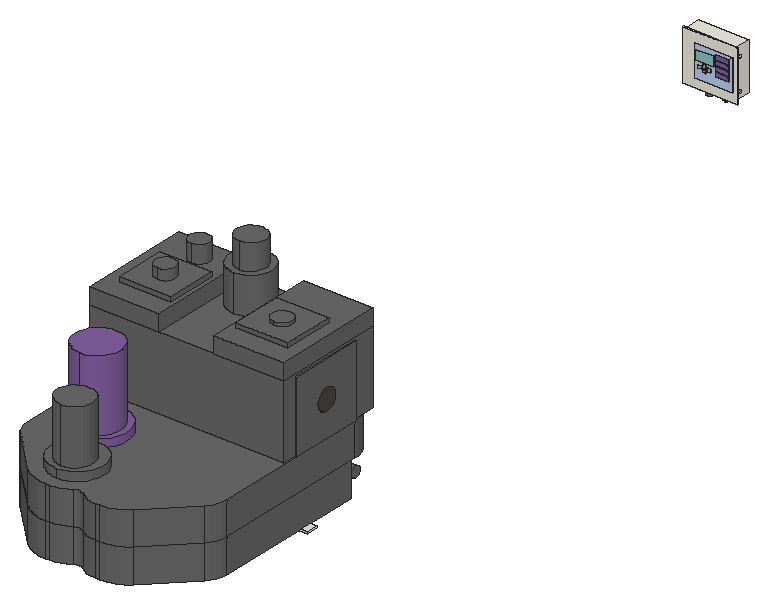
Revit family "11000", category Generic Models, Revit 2021
Family settings
  Can host rebar = No
  Round Connector Dimension = Use Diameter
  Part Type = Normal
  Work Plane-Based = No
  Always vertical = Yes
  Cut with Voids When Loaded = No
  Shared = Yes
  Room Calculation Point = No
Parameters (values of type "11000")
  SUPPLIER = "KESSEL"
  SA700ID49 = "Protection Class I"
  SA700ID48 = "no"
  SA700ID47 = "no"
  SA700ID46 = "yes"
  SA700ID37 = 7000 mm
  SA700ID34 = 38
  SA700ID33 = 1.6 W
  SA700ID32 = 65.23 kg
  SA700ID31 = 1
  SA700ID30 = 1
  SA700ID29 = "RWDR"
  SA700ID21 = 700
  SA700ID10 = "No"
  SA700ID08 = 230 V
  PROCUREWEBLINK = "https://p.caden.as/kessel/11000"
  PROCURELINK = "p.caden.as/kessel/11000"
  PROCUREDATALASTUPDATE = "2024-05-22T12:18:07.546936593+01:00"
  PREVIEW = "../../_pool_/a8/8f/11000.png"
  PRC_SPECIFICATIONLINK = "https://ausschreiben.de/catalog/kessel/catalogItem/607e5876-517b-4add-ad43-83497f723949"
  NN = "Lifting station Aqualift F XL"
  NBSYN = "$SA810ID03."
  NB = "11000"
  Model = "11000"
  Manufacturer = "KESSEL"
  MIdent = "{$CADENAS_DATA/23d-libs/kessel/kessel_vdi_import/4/entwaesserung/hebeanlage20aqualift20f20xl.prj},200 {STYP=ASS},{VTYP=3D},{NB=11000},{LINA=11000},{NN=Lifting station Aqualift F XL},{DATE=21.11.2022 10:48:11},{GEOMDATE=21.11.2022 10:48:11},{VERSION=},{LINEID=10},{WBVAR=LODLEVEL},{WBNUMERIC=LODLEVEL}  {NB=11000},{LINA=11000},{KT=DUMMY},{PREVIEW=../../_pool_/a8/8f/11000.png},{SA700ID04=Hebeanlage Aqualift F XL 200 l, Mono, SPF 1400-S3},{SA810ID06=04026092056677},{SA700ID34=38.00},{SA010ID03=201805},{SA810ID03=11000},{SA810ID10=Die Hebeanlage für fäkalienhaltiges und fäkalienfreies Abwasser ist mit einer überflutbaren Pumpe sowie einem Rückflussverhinderer ausgestattet. Der Sammelbehälter aus dauerhaft beständigem Kunststoff (PE) bietet universale Anschlussmöglichkeiten und hat eine verschraubte Reinigungsöffnung.Die Steuerung erfolgt durch ein anwenderfreundliches Schaltgerät, das optional über einen potentialfreien Kontakt in die Gebäudeleittechnik eingebunden werden oder Alarm- und Sammelstörmeldungen über eine GSM-Schnittstelle (Comfort Schaltgerät) ausgeben kann.Ausführung:Absperreinrichtung: ohne SchieberAnlagenart: EinzelanlagePumpensteuerung: SchaltgerätRückflussverhinderer: integriertSchalldämmmatte: jaEinbausituation: freie AufstellungAbwasserart: fäkalienhaltigAllgemeine Merkmale:Farbe: schwarzNorm: EN 12050-1Abmessungen:Länge: 980 mmBreite: 760 mmHöhe: 770 mmBehälter/Grundkörper:Zulauf Anzahl: 1 STZulauf Nennweite (DN): 100 mmZulauf Nennweite (DA): 110 mmZulauf max. Anbohrung (DN): 200 mmAnschluss für Handmembranpumpe (DN): 32Behältervolumen: 200 lDruckabgang: senkrechtDruckabgang (DA): 110 mmDruckabgang (DN): 100 mmEntlüftungsanschluss (DN): 70 mmNutzvolumen: 120 lFördereinrichtung:Pumpe: SPF 1400Anzahl Pumpen: 1Förderhöhe max.: 7 mFörderleistung max.: 38 m3/hBetriebsart: S3 - 50 %Leistung P1: 1,6 kWLeistung P2: 1,1 kWDrehzahl: 1.370 U/minFörderguttemperatur (dauerhaft) max.: 40 °CAnschlusstyp: codierter SteckerGewicht: 25 kgLaufrad Typ: FreistromradLänge Netzanschlussleitung Pumpe: 5 mNennstrom: 7,3 ASchutzart Pumpe: IP 68 (3m/48h)Schutzklasse: ITyp Anschlussleitung Pumpe: H07RN-F 3G 1,0 mm2Temperaturüberwachung: integriertSteuerung:Schaltgerät: ComfortBetriebsspannung: 230 VNetzfrequenz: 50 HzSelbstdiagnosesystem (SDS): jaBatteriepufferung: jaMehrzeilige Displayanzeige: jaLogbuchfunktion: jaUSB-Schnittstelle: jaGSM-Schnittstelle: jaPotentialfreier Kontakt: optionalErforderliche Absicherung (Leitungsschutz): C 16 ASchutzart Schaltgerät: IP 54Länge Netzanschlussleitung Schaltgerät: 1,4 mArt Niveauerfassung: pneumatischInstrument Niveauerfassung: TauchrohrAlarmgeber: Tauchrohr},{SA700ID37=7.00},{SA700ID33=1.60},{SA700ID08=230},{SA700ID30=1},{SA700ID32=65.23},{SA700ID49=Schutzklasse I},{SA700ID50=nein},{SA200ID03=6},{SA250ID03=vertikal},{SA260ID03=Trockenläuferpumpe},{SA350ID03=normalansaugend},{SA400ID03=E-Motor für Wechselstrom},{SA460ID03=direkt},{SA500ID03=Kunststoff, Edelstahl},{SA700ID06=100},{SA700ID07=100},{SA700ID09=1/N/PE 230V},{SA700ID10=Nein},{SA700ID11=50},{SA700ID12=IP 68},{SA700ID13=F},{SA700ID15=40},{SA700ID21=700.00},{SA700ID22=1.10},{SA700ID23=1370},{SA700ID24=1370},{SA700ID26=7.30},{SA700ID27=23.00},{SA700ID28=durchgehend},{SA700ID29=RWDR},{SA700ID31=1},{SA700ID46=ja},{SA700ID47=nein},{SA700ID48=nein},{SA110ID04=Hebeanlage Aqualift F XL},{SA300ID03=einstufig},{SA700ID44=10.00},{SA700ID45=10.00},{SA010ID04=KESSEL AG},{LODLEVEL=200},{LINK=https://www.kessel.de/info?han=11000},{SA970ID01=970},{SA970ID02=7121},{SA970ID03=11000},{SA970ID04=11002617},{SA970ID05=QUAD},{SA970ID06=-410},{SA970ID07=-850},{SA970ID08=0},{SA970ID09=1},{SA970ID10=0},{SA970ID11=0},{SA970ID12=0},{SA970ID13=1},{SA970ID14=0},{SA970ID15=820},{SA970ID16=980},{SA970ID17=771},{LODLEVEL_=200,'Low'},{LODLEVEL_DEU=200,'Low'},{LINK_=https://www.kessel.de/info?han=11000},{LINK_DEU=https://www.kessel.de/info?han=11000},{LODLEVEL_3DB=11000_200},{DNIN1=100},{DNIN2=70},{DNIN4=10},{DNIN5=50},{DNIN6=50},{DNIN7=50},{DNIN8=50},{DNIN9=MIN},{DNOUT1=32},{DNOUT2=100},{DNOUT3=70},{ISD1=96},{ISD2=10},{ISDOUT1=40},{ISDOUT2=70},{ISDOUT3=65},{SA010ID01=010},{SA010ID02=4},{SA010ID06=www.kessel.de},{SA010ID07=www.kessel.de},{SA010ID12=20180713},{SA010ID13=DEU},{SA010ID14=DE},{SA100ID01=100},{SA100ID02=4},{SA100ID04=Entwässerung},{SA110ID01=110},{SA110ID02=6},{SA200ID01=200},{SA200ID02=6},{SA250ID01=250},{SA250ID02=2},{SA260ID01=260},{SA260ID02=2},{SA300ID01=300},{SA300ID02=1},{SA350ID01=350},{SA350ID02=1},{SA400ID01=400},{SA400ID02=1},{SA460ID01=460},{SA460ID02=1},{SA500ID01=500},{SA500ID02=1},{SA700ID01=700},{SA700ID02=37},{SA700ID10_=0},{SA700ID16=0},{SA700ID25=0},{SA700ID46_=1},{SA700ID47_=0},{SA700ID48_=0},{SA700ID49_=1},{SA700ID50_=0},{SA800ID01=800},{SA800ID02=1},{SA810ID01=810},{SA810ID02=37},{SA810ID04=11000},{SA810ID07=37},{SA810ID09=1},{SA810ID14=PCE},{SA810ID15=1},{SA810ID16=NMP},{SA960ID03=37},{SA960ID04=3L},{SA960ID08=https://www.kessel.de/info?han=11000},{SA010ID08=4026092000007},{SA100ID05=Hebeanlage},{SA110ID06=Hebeanlage}"
  LINK = "https://www.kessel.de/info?han=11000"
  LINA = "11000"
  Default Elevation = 0 mm
  CREATOR = "CADENAS GmbH"
  CATALOG = "KESSEL"
  BOMINFO = "LINA"
  ARTICLENO = "NB"
  4.810.00.9 Order quantity (multiplicator) = "1"
  4.810.00.7 Media- connection number = "37"
  4.810.00.6 GTIN number = "04026092056677"
  4.810.00.4 DATANORM number = "11000"
  4.810.00.3 Producer order number = "11000"
  4.710.03.7 Mass (net) = 65.23 kg
  4.710.03.6 Height = 770 mm
  4.710.03.5 Width = 760 mm
  4.710.03.4 Length = 980 mm
  4.710.03.3 Type of dimensions = "2"
  4.710.02.8 Area of application of wastewater pump = "1"
  4.710.02.7 Art des S2/S3-Betriebs = "50 %"
  4.710.02.6 Duty type = "S3"
  4.710.02.5 Cutting device = "0"
  4.710.02.4 Attached pump control = "1"
  4.710.02.3 Free passage = 40 mm
  4.710.01.6 Option to connect to building automation = "40"
  4.710.01.5 Load regulation = "0"
  4.710.01.4 Designation of closed-loop control = "120"
  4.710.01.3 Identifier for closed-loop control = "200"
  4.700.00.9 Voltage = 0
  4.700.00.8 Nominal connection size on suction side = "100"
  4.700.00.7 Nominal connection size on pressure side = "100"
  4.700.00.6 Type of connection = "100"
  4.700.00.4 Product indentification = "Hebeanlage Aqualift F XL 200 l, Mono, SPF 1400-S3"
  4.700.00.28 Motor pump shaft = "durchgehend"
  4.700.00.27 Starting current = 23
  4.700.00.26 Maximum power consumption per pump / drive = 7.3
  4.700.00.25 Minimum speed at internal speed adjustment = 0
  4.700.00.24 Nominal speed / maximum speed n = 22.8333
  4.700.00.23 Nominal speed of motor = 22.8333
  4.700.00.22 Maximum shaft output (P2) per pump/drive = 1.1 W
  4.700.00.16 Maximum temperature of pumped medium = 0 °C
  4.700.00.15 Increased safety class = "40 °C"
  4.700.00.13 Type of protection = "F"
  4.700.00.12 Frequency = 0
  4.700.00.11 Stern-/Dreieck-Anlaufschaltung bei Dreiphasenanschluss oder Drehstrom = "50 Hz"
  4.700.00.10 Phase = "0"
  4.500.00.3 Variant / Variant type / Accessories-name = "Kunststoff, Edelstahl"
  4.460.00.3 Variant / Variant type / Accessories-name = "direkt"
  4.400.00.3 Variant / Variant type / Accessories-name = "E-Motor für Wechselstrom"
  4.350.00.3 Variant / Variant type / Accessories-name = "normalansaugend"
  4.300.00.3 Variant / Variant type / Accessories-name = "einstufig"
  4.260.00.3 Variant / Variant type / Accessories-name = "Trockenläuferpumpe"
  4.250.00.3 Variant / Variant type / Accessories-name = "vertikal"
  4.200.00.3 Variant / Variant type / Accessories-name = "6"
  4.110.00.6 Product classification = "Hebeanlage"
  4.110.00.4 Product indentification = "Hebeanlage Aqualift F XL"
  4.100.00.5 Main groups of wares = "Hebeanlage"
  4.100.00.4 Product indentification = "Entwässerung"
  4.010.00.8 Producer ID number = "4026092000007"
  4.010.00.7 Comment = "www.kessel.de"
  4.010.00.6 Web address of the manufacturer = "www.kessel.de"
  4.010.00.4 Manufacturer name = "KESSEL AG"
  4.010.00.3 Date of issuance (month) of guideline = "201805"
  4.010.00.2 Sheet number of the guideline = "4"
  4.010.00.14 Kennungen der Projektländer, für die die Datei gültig ist = "DE"
  4.010.00.13 Sprache der Datei = "DEU"
  4.010.00.12 Stand des Herstellerkatalogs = "20180713"
Reference planes
  plane 1 "Center (Front/Back)": y = 0
  plane 2: z = 0
  plane 3 "Center (Left/Right)": x = 0
Forms (mm)
  Extrusion 1, void
    sketch origin (380.5, -115, 392) x (0, -1, 0) y (0, 0, 1)
      loop
        line (-0.5, -0.5) -> (0.5, -0.5) -> (0.5, 0.5) -> (-0.5, 0.5) -> (-0.5, -0.5)
    from 0 to 1
  Extrusion 2, void
    sketch origin (160.15, 130.5, 392) x (1, 0, 0) y (0, 0, 1)
      loop
        line (-0.5, -0.5) -> (0.5, -0.5) -> (0.5, 0.5) -> (-0.5, 0.5) -> (-0.5, -0.5)
    from 0 to 1
  Extrusion 3, void
    sketch origin (-161, 130.5, 392) x (1, 0, 0) y (0, 0, 1)
      loop
        line (-0.5, -0.5) -> (0.5, -0.5) -> (0.5, 0.5) -> (-0.5, 0.5) -> (-0.5, -0.5)
    from 0 to 1
  Extrusion 4, void
    sketch origin (-380.5, -115, 392) x (0, 1, 0) y (0, 0, 1)
      loop
        line (-0.5, -0.5) -> (0.5, -0.5) -> (0.5, 0.5) -> (-0.5, 0.5) -> (-0.5, -0.5)
    from 0 to 1
Dimensions and locks
  locked: plane 2 to Extrusion 1 at 392.5
  locked: plane 2 to Extrusion 1 at 391.5
  locked: plane 2 to Extrusion 2 at 392.5
  locked: plane 2 to Extrusion 2 at 391.5
  locked: plane 2 to Extrusion 3 at 392.5
  locked: plane 2 to Extrusion 3 at 391.5
  locked: plane 2 to Extrusion 4 at 392.5
  locked: plane 2 to Extrusion 4 at 391.5
  aligned and locked: level to plane 2
Nested families
  nested 1: "11000_content" at (0, 0, 0), type "11000_Content"
  nested 2: "11000_part1_X0Y0" at (1000, 1000, 1200), type "11000_PART1_X0Y0"
  nested 3: "11000_part2_X0Y0" at (0, 0, 0), type "11000_PART2_X0Y0"
Connectors
  piping at (1079.5, 972.5, 1198.5), diameter 609.6
    settings: on nested 2, index 1, connector inside diameter 609.6 mm, connector length 0 mm, flow factor 0, pipe flow 0.0 L/s, pressure drop 0.0 Pa, fitting loss kfactor 0, connector angle 0.00°, fixture units 0, engagement length 0 mm, angle of deflection 0.00°, flow configuration 0, flow direction 0, fitting loss method 2, system type 29, joint type 0, gender type 0, connector reference index -1, connector utility 0, adjustable connector no, is connector primary yes, connector description ""
  electrical at (936.5, 972.5, 1166.5)
    settings: on nested 2, index 2, voltage 0 V, apparent load 0 VA, apparent load phase1 0 VA, apparent load phase2 0 VA, apparent load phase3 0 VA, power factor 1, load classification "Other", number of poles 1, system type 31, power factor state 1, is connector primary yes, connector utility no, sub classification motor no, connector description ""
  piping at (0, 0, 771), diameter 100
    settings: on nested 3, index 3, connector inside diameter 609.6 mm, connector length 0 mm, flow factor 0, pipe flow 0.0 L/s, pressure drop 0.0 Pa, fitting loss kfactor 0, connector angle 0.00°, fixture units 0, engagement length 0 mm, angle of deflection 0.00°, flow configuration 0, flow direction 1, fitting loss method 2, system type 8, joint type 0, gender type 0, connector reference index -1, connector utility 0, adjustable connector no, is connector primary no, connector description ""
  piping at (380.5, -115, 392), diameter 70
    settings: on Extrusion 1, index 4, connector inside diameter 609.6 mm, connector length 0 mm, flow factor 0, pipe flow 0.0 L/s, pressure drop 0.0 Pa, fitting loss kfactor 0, connector angle 0.00°, fixture units 0, engagement length 0 mm, angle of deflection 0.00°, flow configuration 0, flow direction 0, fitting loss method 2, system type 8, joint type 0, gender type 0, connector reference index -1, connector utility 0, adjustable connector no, is connector primary no, connector description ""
  piping at (160.15, 130.5, 392), diameter 70
    settings: on Extrusion 2, index 5, connector inside diameter 609.6 mm, connector length 0 mm, flow factor 0, pipe flow 0.0 L/s, pressure drop 0.0 Pa, fitting loss kfactor 0, connector angle 0.00°, fixture units 0, engagement length 0 mm, angle of deflection 0.00°, flow configuration 0, flow direction 0, fitting loss method 2, system type 8, joint type 0, gender type 0, connector reference index -1, connector utility 0, adjustable connector no, is connector primary no, connector description ""
  piping at (-161, 130.5, 392), diameter 70
    settings: on Extrusion 3, index 6, connector inside diameter 609.6 mm, connector length 0 mm, flow factor 0, pipe flow 0.0 L/s, pressure drop 0.0 Pa, fitting loss kfactor 0, connector angle 0.00°, fixture units 0, engagement length 0 mm, angle of deflection 0.00°, flow configuration 0, flow direction 0, fitting loss method 2, system type 8, joint type 0, gender type 0, connector reference index -1, connector utility 0, adjustable connector no, is connector primary no, connector description ""
  piping at (-380.5, -115, 392), diameter 70
    settings: on Extrusion 4, index 7, connector inside diameter 609.6 mm, connector length 0 mm, flow factor 0, pipe flow 0.0 L/s, pressure drop 0.0 Pa, fitting loss kfactor 0, connector angle 0.00°, fixture units 0, engagement length 0 mm, angle of deflection 0.00°, flow configuration 0, flow direction 0, fitting loss method 2, system type 8, joint type 0, gender type 0, connector reference index -1, connector utility 0, adjustable connector no, is connector primary no, connector description ""
  piping at (-100, -712, 496), diameter 100
    settings: on nested 3, index 8, connector inside diameter 609.6 mm, connector length 0 mm, flow factor 0, pipe flow 0.0 L/s, pressure drop 0.0 Pa, fitting loss kfactor 0, connector angle 0.00°, fixture units 0, engagement length 0 mm, angle of deflection 0.00°, flow configuration 0, flow direction 2, fitting loss method 2, system type 7, joint type 0, gender type 0, connector reference index -1, connector utility 0, adjustable connector no, is connector primary no, connector description ""
  piping at (-225, 36, 661), diameter 70
    settings: on nested 3, index 9, connector inside diameter 609.6 mm, connector length 0 mm, flow factor 0, pipe flow 0.0 L/s, pressure drop 0.0 Pa, fitting loss kfactor 0, connector angle 0.00°, fixture units 0, engagement length 0 mm, angle of deflection 0.00°, flow configuration 0, flow direction 2, fitting loss method 2, system type 7, joint type 0, gender type 0, connector reference index -1, connector utility 0, adjustable connector no, is connector primary no, connector description ""
  piping at (354.5, 56, 60), diameter 32
    settings: on nested 3, index 10, connector inside diameter 609.6 mm, connector length 0 mm, flow factor 0, pipe flow 0.0 L/s, pressure drop 0.0 Pa, fitting loss kfactor 0, connector angle 0.00°, fixture units 0, engagement length 0 mm, angle of deflection 0.00°, flow configuration 0, flow direction 2, fitting loss method 2, system type 7, joint type 0, gender type 0, connector reference index -1, connector utility 0, adjustable connector no, is connector primary no, connector description ""
  electrical at (-185, -496.75, 557)
    settings: on nested 3, index 11, voltage 0 V, apparent load 0 VA, apparent load phase1 0 VA, apparent load phase2 0 VA, apparent load phase3 0 VA, power factor 1, load classification "Other", number of poles 1, system type 31, power factor state 1, is connector primary no, connector utility no, sub classification motor no, connector description ""
  electrical at (-222.5, -129, 650)
    settings: on nested 3, index 12, voltage 0 V, apparent load 0 VA, apparent load phase1 0 VA, apparent load phase2 0 VA, apparent load phase3 0 VA, power factor 1, load classification "Other", number of poles 1, system type 31, power factor state 1, is connector primary no, connector utility no, sub classification motor no, connector description ""
Definition of nested family "11000_part1_X0Y0"
  Parameters (values of type "11000_PART1_X0Y0")
    SUPPLIER = "KESSEL"
    SA700ID49 = "Protection Class I"
    SA700ID48 = "no"
    SA700ID47 = "no"
    SA700ID46 = "yes"
    SA700ID37 = 7000 mm
    SA700ID34 = 38
    SA700ID33 = 1.6 W
    SA700ID32 = 65.23 kg
    SA700ID31 = 1
    SA700ID30 = 1
    SA700ID29 = "RWDR"
    SA700ID21 = 700
    SA700ID10 = "No"
    SA700ID08 = 230 V
    PREVIEW = "../../_pool_/a8/8f/11000.png"
    NBSYN = "$SA810ID03._PART1"
    NB = "11000_PART1"
    Model = "11000_PART1"
    Manufacturer = "KESSEL"
    MIdent = "{$CADENAS_DATA/23d-libs/kessel/kessel_vdi_import/4/entwaesserung/hebeanlage20aqualift20f20xl.prj},220 {VTYP=3D},{NB=11000_PART1},{LINA=11000_PART1},{NN=Lifting station Aqualift F XL_PART1},{NOPRJ=TRUE},{DATE=21.11.2022 10:48:11},{GEOMDATE=21.11.2022 10:48:11},{VERSION=},{LINEID=10},{WBVAR=LODLEVEL},{WBNUMERIC=LODLEVEL}  {NB=11000_PART1},{LINA=11000_PART1},{KT=DUMMY},{PREVIEW=../../_pool_/a8/8f/11000.png},{SA700ID04=Hebeanlage Aqualift F XL 200 l, Mono, SPF 1400-S3},{SA810ID06=04026092056677},{SA700ID34=38.00},{SA010ID03=201805},{SA810ID03=11000},{SA810ID10=Die Hebeanlage für fäkalienhaltiges und fäkalienfreies Abwasser ist mit einer überflutbaren Pumpe sowie einem Rückflussverhinderer ausgestattet. Der Sammelbehälter aus dauerhaft beständigem Kunststoff (PE) bietet universale Anschlussmöglichkeiten und hat eine verschraubte Reinigungsöffnung.Die Steuerung erfolgt durch ein anwenderfreundliches Schaltgerät, das optional über einen potentialfreien Kontakt in die Gebäudeleittechnik eingebunden werden oder Alarm- und Sammelstörmeldungen über eine GSM-Schnittstelle (Comfort Schaltgerät) ausgeben kann.Ausführung:Absperreinrichtung: ohne SchieberAnlagenart: EinzelanlagePumpensteuerung: SchaltgerätRückflussverhinderer: integriertSchalldämmmatte: jaEinbausituation: freie AufstellungAbwasserart: fäkalienhaltigAllgemeine Merkmale:Farbe: schwarzNorm: EN 12050-1Abmessungen:Länge: 980 mmBreite: 760 mmHöhe: 770 mmBehälter/Grundkörper:Zulauf Anzahl: 1 STZulauf Nennweite (DN): 100 mmZulauf Nennweite (DA): 110 mmZulauf max. Anbohrung (DN): 200 mmAnschluss für Handmembranpumpe (DN): 32Behältervolumen: 200 lDruckabgang: senkrechtDruckabgang (DA): 110 mmDruckabgang (DN): 100 mmEntlüftungsanschluss (DN): 70 mmNutzvolumen: 120 lFördereinrichtung:Pumpe: SPF 1400Anzahl Pumpen: 1Förderhöhe max.: 7 mFörderleistung max.: 38 m3/hBetriebsart: S3 - 50 %Leistung P1: 1,6 kWLeistung P2: 1,1 kWDrehzahl: 1.370 U/minFörderguttemperatur (dauerhaft) max.: 40 °CAnschlusstyp: codierter SteckerGewicht: 25 kgLaufrad Typ: FreistromradLänge Netzanschlussleitung Pumpe: 5 mNennstrom: 7,3 ASchutzart Pumpe: IP 68 (3m/48h)Schutzklasse: ITyp Anschlussleitung Pumpe: H07RN-F 3G 1,0 mm2Temperaturüberwachung: integriertSteuerung:Schaltgerät: ComfortBetriebsspannung: 230 VNetzfrequenz: 50 HzSelbstdiagnosesystem (SDS): jaBatteriepufferung: jaMehrzeilige Displayanzeige: jaLogbuchfunktion: jaUSB-Schnittstelle: jaGSM-Schnittstelle: jaPotentialfreier Kontakt: optionalErforderliche Absicherung (Leitungsschutz): C 16 ASchutzart Schaltgerät: IP 54Länge Netzanschlussleitung Schaltgerät: 1,4 mArt Niveauerfassung: pneumatischInstrument Niveauerfassung: TauchrohrAlarmgeber: Tauchrohr},{SA700ID37=7.00},{SA700ID33=1.60},{SA700ID08=230},{SA700ID30=1},{SA700ID32=65.23},{SA700ID49=Schutzklasse I},{SA700ID50=nein},{SA200ID03=6},{SA250ID03=vertikal},{SA260ID03=Trockenläuferpumpe},{SA350ID03=normalansaugend},{SA400ID03=E-Motor für Wechselstrom},{SA460ID03=direkt},{SA500ID03=Kunststoff, Edelstahl},{SA700ID06=100},{SA700ID07=100},{SA700ID09=1/N/PE 230V},{SA700ID10=Nein},{SA700ID11=50},{SA700ID12=IP 68},{SA700ID13=F},{SA700ID15=40},{SA700ID21=700.00},{SA700ID22=1.10},{SA700ID23=1370},{SA700ID24=1370},{SA700ID26=7.30},{SA700ID27=23.00},{SA700ID28=durchgehend},{SA700ID29=RWDR},{SA700ID31=1},{SA700ID46=ja},{SA700ID47=nein},{SA700ID48=nein},{SA110ID04=Hebeanlage Aqualift F XL},{SA300ID03=einstufig},{SA700ID44=10.00},{SA700ID45=10.00},{SA010ID04=KESSEL AG},{LODLEVEL=200},{LINK=https://www.kessel.de/info?han=11000},{SA970ID01=970},{SA970ID02=7121},{SA970ID03=11000},{SA970ID04=11002617},{SA970ID05=QUAD},{SA970ID06=-410},{SA970ID07=-850},{SA970ID08=0},{SA970ID09=1},{SA970ID10=0},{SA970ID11=0},{SA970ID12=0},{SA970ID13=1},{SA970ID14=0},{SA970ID15=820},{SA970ID16=980},{SA970ID17=771},{LODLEVEL_=200,'Low'},{LODLEVEL_DEU=200,'Low'},{LINK_=https://www.kessel.de/info?han=11000},{LINK_DEU=https://www.kessel.de/info?han=11000},{LODLEVEL_3DB=11000_200},{DNIN1=100},{DNIN2=70},{DNIN4=10},{DNIN5=50},{DNIN6=50},{DNIN7=50},{DNIN8=50},{DNIN9=MIN},{DNOUT1=32},{DNOUT2=100},{DNOUT3=70},{ISD1=96},{ISD2=10},{ISDOUT1=40},{ISDOUT2=70},{ISDOUT3=65},{SA010ID01=010},{SA010ID02=4},{SA010ID06=www.kessel.de},{SA010ID07=www.kessel.de},{SA010ID12=20180713},{SA010ID13=DEU},{SA010ID14=DE},{SA100ID01=100},{SA100ID02=4},{SA100ID04=Entwässerung},{SA110ID01=110},{SA110ID02=6},{SA200ID01=200},{SA200ID02=6},{SA250ID01=250},{SA250ID02=2},{SA260ID01=260},{SA260ID02=2},{SA300ID01=300},{SA300ID02=1},{SA350ID01=350},{SA350ID02=1},{SA400ID01=400},{SA400ID02=1},{SA460ID01=460},{SA460ID02=1},{SA500ID01=500},{SA500ID02=1},{SA700ID01=700},{SA700ID02=37},{SA700ID10_=0},{SA700ID16=0},{SA700ID25=0},{SA700ID46_=1},{SA700ID47_=0},{SA700ID48_=0},{SA700ID49_=1},{SA700ID50_=0},{SA800ID01=800},{SA800ID02=1},{SA810ID01=810},{SA810ID02=37},{SA810ID04=11000},{SA810ID07=37},{SA810ID09=1},{SA810ID14=PCE},{SA810ID15=1},{SA810ID16=NMP},{SA960ID03=37},{SA960ID04=3L},{SA960ID08=https://www.kessel.de/info?han=11000},{SA010ID08=4026092000007},{SA100ID05=Hebeanlage},{SA110ID06=Hebeanlage}"
    LINK = "https://www.kessel.de/info?han=11000"
    LINA = "11000_PART1"
    Default Elevation = 1219.2 mm
    CREATOR = "CADENAS GmbH"
    CATALOG = "KESSEL"
    BOMINFO = "LINA"
    ARTICLENO = "NB"
    4.810.00.9 Order quantity (multiplicator) = "1"
    4.810.00.7 Media- connection number = "37"
    4.810.00.6 GTIN number = "04026092056677"
    4.810.00.4 DATANORM number = "11000"
    4.810.00.3 Producer order number = "11000"
    4.710.03.7 Mass (net) = 65.23 kg
    4.710.03.6 Height = 770 mm
    4.710.03.5 Width = 760 mm
    4.710.03.4 Length = 980 mm
    4.710.03.3 Type of dimensions = "2"
    4.710.02.8 Area of application of wastewater pump = "1"
    4.710.02.7 Art des S2/S3-Betriebs = "50 %"
    4.710.02.6 Duty type = "S3"
    4.710.02.5 Cutting device = "0"
    4.710.02.4 Attached pump control = "1"
    4.710.02.3 Free passage = 40 mm
    4.710.01.6 Option to connect to building automation = "40"
    4.710.01.5 Load regulation = "0"
    4.710.01.4 Designation of closed-loop control = "120"
    4.710.01.3 Identifier for closed-loop control = "200"
    4.700.00.9 Voltage = 0
    4.700.00.8 Nominal connection size on suction side = "100"
    4.700.00.7 Nominal connection size on pressure side = "100"
    4.700.00.6 Type of connection = "100"
    4.700.00.4 Product indentification = "Hebeanlage Aqualift F XL 200 l, Mono, SPF 1400-S3"
    4.700.00.28 Motor pump shaft = "durchgehend"
    4.700.00.27 Starting current = 23
    4.700.00.26 Maximum power consumption per pump / drive = 7.3
    4.700.00.25 Minimum speed at internal speed adjustment = 0
    4.700.00.24 Nominal speed / maximum speed n = 22.8333
    4.700.00.23 Nominal speed of motor = 22.8333
    4.700.00.22 Maximum shaft output (P2) per pump/drive = 1.1 W
    4.700.00.16 Maximum temperature of pumped medium = 0 °C
    4.700.00.15 Increased safety class = "40 °C"
    4.700.00.13 Type of protection = "F"
    4.700.00.12 Frequency = 0
    4.700.00.11 Stern-/Dreieck-Anlaufschaltung bei Dreiphasenanschluss oder Drehstrom = "50 Hz"
    4.700.00.10 Phase = "0"
    4.500.00.3 Variant / Variant type / Accessories-name = "Kunststoff, Edelstahl"
    4.460.00.3 Variant / Variant type / Accessories-name = "direkt"
    4.400.00.3 Variant / Variant type / Accessories-name = "E-Motor für Wechselstrom"
    4.350.00.3 Variant / Variant type / Accessories-name = "normalansaugend"
    4.300.00.3 Variant / Variant type / Accessories-name = "einstufig"
    4.260.00.3 Variant / Variant type / Accessories-name = "Trockenläuferpumpe"
    4.250.00.3 Variant / Variant type / Accessories-name = "vertikal"
    4.200.00.3 Variant / Variant type / Accessories-name = "6"
    4.110.00.6 Product classification = "Hebeanlage"
    4.110.00.4 Product indentification = "Hebeanlage Aqualift F XL"
    4.100.00.5 Main groups of wares = "Hebeanlage"
    4.100.00.4 Product indentification = "Entwässerung"
    4.010.00.8 Producer ID number = "4026092000007"
    4.010.00.7 Comment = "www.kessel.de"
    4.010.00.6 Web address of the manufacturer = "www.kessel.de"
    4.010.00.4 Manufacturer name = "KESSEL AG"
    4.010.00.3 Date of issuance (month) of guideline = "201805"
    4.010.00.2 Sheet number of the guideline = "4"
    4.010.00.14 Kennungen der Projektländer, für die die Datei gültig ist = "DE"
    4.010.00.13 Sprache der Datei = "DEU"
    4.010.00.12 Stand des Herstellerkatalogs = "20180713"
  Reference planes
    plane 1 "Center (Front/Back)": y = 0
    plane 2: z = 0
    plane 3 "Center (Left/Right)": x = 0
  Dimensions and locks
    aligned and locked: level to plane 2
  Nested families
    nested 1: "11000_part1_content" at (0, 0, 0), type "11000_PART1_Content"
  Definition of nested family "11000_part1_content"
    Parameters (values of type "11000_PART1_Content")
      SUPPLIER = "KESSEL"
      SA700ID49 = "Protection Class I"
      SA700ID48 = "no"
      SA700ID47 = "no"
      SA700ID46 = "yes"
      SA700ID37 = 7000 mm
      SA700ID34 = 38
      SA700ID33 = 1.6 W
      SA700ID32 = 65.23 kg
      SA700ID31 = 1
      SA700ID30 = 1
      SA700ID29 = "RWDR"
      SA700ID21 = 700
      SA700ID10 = "No"
      SA700ID08 = 230 V
      PREVIEW = "../../_pool_/a8/8f/11000.png"
      NBSYN = "$SA810ID03._PART1"
      NB = "11000_PART1"
      Model = "11000_PART1"
      Manufacturer = "KESSEL"
      LINK = "https://www.kessel.de/info?han=11000"
      LINA = "11000_PART1"
      Default Elevation = 1219.2 mm
      CREATOR = "CADENAS GmbH"
      CATALOG = "KESSEL"
      BOMINFO = "LINA"
      ARTICLENO = "NB"
      4.810.00.9 Order quantity (multiplicator) = "1"
      4.810.00.7 Media- connection number = "37"
      4.810.00.6 GTIN number = "04026092056677"
      4.810.00.4 DATANORM number = "11000"
      4.810.00.3 Producer order number = "11000"
      4.710.03.7 Mass (net) = 65.23 kg
      4.710.03.6 Height = 770 mm
      4.710.03.5 Width = 760 mm
      4.710.03.4 Length = 980 mm
      4.710.03.3 Type of dimensions = "2"
      4.710.02.8 Area of application of wastewater pump = "1"
      4.710.02.7 Art des S2/S3-Betriebs = "50 %"
      4.710.02.6 Duty type = "S3"
      4.710.02.5 Cutting device = "0"
      4.710.02.4 Attached pump control = "1"
      4.710.02.3 Free passage = 40 mm
      4.710.01.6 Option to connect to building automation = "40"
      4.710.01.5 Load regulation = "0"
      4.710.01.4 Designation of closed-loop control = "120"
      4.710.01.3 Identifier for closed-loop control = "200"
      4.700.00.9 Voltage = 0
      4.700.00.8 Nominal connection size on suction side = "100"
      4.700.00.7 Nominal connection size on pressure side = "100"
      4.700.00.6 Type of connection = "100"
      4.700.00.4 Product indentification = "Hebeanlage Aqualift F XL 200 l, Mono, SPF 1400-S3"
      4.700.00.28 Motor pump shaft = "durchgehend"
      4.700.00.27 Starting current = 23
      4.700.00.26 Maximum power consumption per pump / drive = 7.3
      4.700.00.25 Minimum speed at internal speed adjustment = 0
      4.700.00.24 Nominal speed / maximum speed n = 22.8333
      4.700.00.23 Nominal speed of motor = 22.8333
      4.700.00.22 Maximum shaft output (P2) per pump/drive = 1.1 W
      4.700.00.16 Maximum temperature of pumped medium = 0 °C
      4.700.00.15 Increased safety class = "40 °C"
      4.700.00.13 Type of protection = "F"
      4.700.00.12 Frequency = 0
      4.700.00.11 Stern-/Dreieck-Anlaufschaltung bei Dreiphasenanschluss oder Drehstrom = "50 Hz"
      4.700.00.10 Phase = "0"
      4.500.00.3 Variant / Variant type / Accessories-name = "Kunststoff, Edelstahl"
      4.460.00.3 Variant / Variant type / Accessories-name = "direkt"
      4.400.00.3 Variant / Variant type / Accessories-name = "E-Motor für Wechselstrom"
      4.350.00.3 Variant / Variant type / Accessories-name = "normalansaugend"
      4.300.00.3 Variant / Variant type / Accessories-name = "einstufig"
      4.260.00.3 Variant / Variant type / Accessories-name = "Trockenläuferpumpe"
      4.250.00.3 Variant / Variant type / Accessories-name = "vertikal"
      4.200.00.3 Variant / Variant type / Accessories-name = "6"
      4.110.00.6 Product classification = "Hebeanlage"
      4.110.00.4 Product indentification = "Hebeanlage Aqualift F XL"
      4.100.00.5 Main groups of wares = "Hebeanlage"
      4.100.00.4 Product indentification = "Entwässerung"
      4.010.00.8 Producer ID number = "4026092000007"
      4.010.00.7 Comment = "www.kessel.de"
      4.010.00.6 Web address of the manufacturer = "www.kessel.de"
      4.010.00.4 Manufacturer name = "KESSEL AG"
      4.010.00.3 Date of issuance (month) of guideline = "201805"
      4.010.00.2 Sheet number of the guideline = "4"
      4.010.00.14 Kennungen der Projektländer, für die die Datei gültig ist = "DE"
      4.010.00.13 Sprache der Datei = "DEU"
      4.010.00.12 Stand des Herstellerkatalogs = "20180713"
    Reference planes
      plane 1 "Center (Front/Back)": y = 0
      plane 2: z = 0
      plane 3 "Center (Left/Right)": x = 0
    Forms (mm)
      Extrusion 1, solid, detail levels medium+fine
        sketch origin (94.5, 0, 0) x (0, -1, 0) y (0, 0, 1)
          loop
            line (0, 181) -> (0, 0) -> (66, 0) -> (66, 181) -> (0, 181)
        from 0 to 189
      Extrusion 2, solid, detail levels medium+fine
        sketch origin (108.5, -66, -7) x (0, -1, 0) y (0, 0, 1)
          loop
            line (0, 194) -> (0, 0) -> (2, 0) -> (2, 194) -> (0, 194)
        from 0 to 208
      Extrusion 3, solid, detail levels medium+fine
        sketch origin (90, -68, 26.5) x (0, -1, 0) y (0, 0, 1)
          loop
            line (-1.2, 120) -> (-1.2, 0) -> (0.25, 0) -> (0.25, 120) -> (-1.2, 120)
        from 0 to 146
      Extrusion 4, solid, detail levels medium+fine
        sketch origin (5.5, -68.25, 66) x (0, -1, 0) y (0, 0, 1)
          loop
            line (-1, 12) -> (-1, 0) -> (0.5, 0) -> (0.5, 12) -> (-1, 12)
        from 0 to 12
      Extrusion 5, solid, detail levels medium+fine
        sketch origin (76.25, -68.25, 79) x (0, -1, 0) y (0, 0, 1)
          loop
            line (0, 16) -> (0, 0) -> (1.75, 0) -> (1.75, 16) -> (0, 16)
        from 0 to 51
      Extrusion 6, solid, detail levels medium+fine
        sketch origin (-11.75, -68.25, 74) x (0, -1, 0) y (0, 0, 1)
          loop
            line (-1, 12) -> (-1, 0) -> (0.5, 0) -> (0.5, 12) -> (-1, 12)
        from 0 to 12
      Extrusion 7, solid, detail levels medium+fine
        sketch origin (76.25, -68.25, 59) x (0, -1, 0) y (0, 0, 1)
          loop
            line (0, 16) -> (0, 0) -> (1.75, 0) -> (1.75, 16) -> (0, 16)
        from 0 to 51
      Extrusion 8, solid, detail levels medium+fine
        sketch origin (17.4, -68.25, 89.5) x (0, -1, 0) y (0, 0, 1)
          loop
            line (-1, 37) -> (-1, 0) -> (0.5, 0) -> (0.5, 37) -> (-1, 37)
        from 0 to 66
      Extrusion 9, solid, detail levels medium+fine
        sketch origin (76.25, -68.25, 99) x (0, -1, 0) y (0, 0, 1)
          loop
            line (0, 16) -> (0, 0) -> (1.75, 0) -> (1.75, 16) -> (0, 16)
        from 0 to 51
      Extrusion 10, solid, detail levels medium+fine
        sketch origin (-11.75, -68.25, 57.5) x (0, -1, 0) y (0, 0, 1)
          loop
            line (-1, 12) -> (-1, 0) -> (0.5, 0) -> (0.5, 12) -> (-1, 12)
        from 0 to 12
      Extrusion 11, solid, detail levels medium+fine
        sketch origin (76.25, -68.25, 119) x (0, -1, 0) y (0, 0, 1)
          loop
            line (0, 16) -> (0, 0) -> (1.75, 0) -> (1.75, 16) -> (0, 16)
        from 0 to 51
      Extrusion 12, solid, detail levels medium+fine
        sketch origin (-29, -68.25, 66) x (0, -1, 0) y (0, 0, 1)
          loop
            line (-1, 12) -> (-1, 0) -> (0.5, 0) -> (0.5, 12) -> (-1, 12)
        from 0 to 12
      Extrusion 13, solid, detail levels medium+fine
        sketch origin (5, -27.5, 0) x (1, 0, 0) y (0, -1, 0)
          loop
            circle (0, 0) r 11
        from 0 to 17.3
      Extrusion 14, solid, detail levels medium+fine
        sketch origin (5, -27.5, -17.2) x (1, 0, 0) y (0, -1, 0)
          loop
            circle (0, 0) r 8.65
        from 0 to 9.8
      Extrusion 15, solid, detail levels medium+fine
        sketch origin (-29, -27.5, 0) x (1, 0, 0) y (0, -1, 0)
          loop
            circle (0, 0) r 11.4
        from 0 to 9
      Extrusion 16, solid, detail levels medium+fine
        sketch origin (-29, -27.5, -9) x (1, 0, 0) y (0, -1, 0)
          loop
            circle (0, 0) r 11.75
        from 0 to 28
      Extrusion 17, solid, detail levels medium+fine
        sketch origin (33, -27.5, 0) x (1, 0, 0) y (0, -1, 0)
          loop
            circle (0, 0) r 11
        from 0 to 11
      Extrusion 18, solid, detail levels medium+fine
        sketch origin (33, -27.5, -11) x (1, 0, 0) y (0, -1, 0)
          loop
            circle (0, 0) r 11
        from 0 to 19.8
      Extrusion 19, solid, detail levels medium+fine
        sketch origin (33, -27.5, -30.7) x (1, 0, 0) y (0, -1, 0)
          loop
            circle (0, 0) r 6
        from 0 to 8
      Extrusion 20, solid, detail levels medium+fine
        sketch origin (57.5, -27.5, 0) x (1, 0, 0) y (0, -1, 0)
          loop
            circle (0, 0) r 10
        from 0 to 1.5
      Extrusion 21, solid, detail levels medium+fine
        sketch origin (106.5, -50, 145) x (0, -1, 0) y (0, 0, 1)
          loop
            line (0, 4) -> (0, 0) -> (16, 0) -> (16, 4) -> (0, 4)
        from 0 to 12
      Extrusion 22, solid, detail levels medium+fine
        sketch origin (106.5, -50, 149) x (0, -1, 0) y (0, 0, 1)
          loop
            line (0, 4) -> (0, 0) -> (12, 0) -> (12, 4) -> (0, 4)
        from 0 to 16
      Extrusion 23, solid, detail levels medium+fine
        sketch origin (106.5, -50, 26) x (0, -1, 0) y (0, 0, 1)
          loop
            line (0, 4) -> (0, 0) -> (16, 0) -> (16, 4) -> (0, 4)
        from 0 to 12
      Extrusion 24, solid, detail levels medium+fine
        sketch origin (106.5, -50, 30) x (0, -1, 0) y (0, 0, 1)
          loop
            line (0, 4) -> (0, 0) -> (12, 0) -> (12, 4) -> (0, 4)
        from 0 to 16
      Extrusion 25, solid, detail levels medium+fine
        sketch origin (-63.5, -27.5, 0) x (1, 0, 0) y (0, -1, 0)
          loop
            circle (0, 0) r 11
        from 0 to 23.5
      Extrusion 26, solid, detail levels medium+fine
        sketch origin (-63.5, -27.5, -23.5) x (1, 0, 0) y (0, -1, 0)
          loop
            circle (0, 0) r 3
        from 0 to 10
      Extrusion 27, solid, detail levels medium+fine
        sketch origin (79.5, -27.5, 0) x (1, 0, 0) y (0, -1, 0)
          loop
            circle (0, 0) r 10
        from 0 to 1.5
      Extrusion 28, solid, detail levels coarse
        sketch origin (4.5, -35, -38.7) x (1, 0, 0) y (0, 1, 0)
          loop
            line (-104, -35) -> (104, -35) -> (104, 35) -> (-104, 35) -> (-104, -35)
        from 0 to 225.7
    Dimensions and locks
      aligned and locked: level to plane 2
Definition of nested family "11000_part2_X0Y0"
  Parameters (values of type "11000_PART2_X0Y0")
    SUPPLIER = "KESSEL"
    SA700ID49 = "Protection Class I"
    SA700ID48 = "no"
    SA700ID47 = "no"
    SA700ID46 = "yes"
    SA700ID37 = 7000 mm
    SA700ID34 = 38
    SA700ID33 = 1.6 W
    SA700ID32 = 65.23 kg
    SA700ID31 = 1
    SA700ID30 = 1
    SA700ID29 = "RWDR"
    SA700ID21 = 700
    SA700ID10 = "No"
    SA700ID08 = 230 V
    PREVIEW = "../../_pool_/a8/8f/11000.png"
    NBSYN = "$SA810ID03._PART2"
    NB = "11000_PART2"
    Model = "11000_PART2"
    Manufacturer = "KESSEL"
    MIdent = "{$CADENAS_DATA/23d-libs/kessel/kessel_vdi_import/4/entwaesserung/hebeanlage20aqualift20f20xl.prj},220 {VTYP=3D},{NB=11000_PART2},{LINA=11000_PART2},{NN=Lifting station Aqualift F XL_PART2},{NOPRJ=TRUE},{DATE=21.11.2022 10:48:11},{GEOMDATE=21.11.2022 10:48:11},{VERSION=},{LINEID=10},{WBVAR=LODLEVEL},{WBNUMERIC=LODLEVEL}  {NB=11000_PART2},{LINA=11000_PART2},{KT=DUMMY},{PREVIEW=../../_pool_/a8/8f/11000.png},{SA700ID04=Hebeanlage Aqualift F XL 200 l, Mono, SPF 1400-S3},{SA810ID06=04026092056677},{SA700ID34=38.00},{SA010ID03=201805},{SA810ID03=11000},{SA810ID10=Die Hebeanlage für fäkalienhaltiges und fäkalienfreies Abwasser ist mit einer überflutbaren Pumpe sowie einem Rückflussverhinderer ausgestattet. Der Sammelbehälter aus dauerhaft beständigem Kunststoff (PE) bietet universale Anschlussmöglichkeiten und hat eine verschraubte Reinigungsöffnung.Die Steuerung erfolgt durch ein anwenderfreundliches Schaltgerät, das optional über einen potentialfreien Kontakt in die Gebäudeleittechnik eingebunden werden oder Alarm- und Sammelstörmeldungen über eine GSM-Schnittstelle (Comfort Schaltgerät) ausgeben kann.Ausführung:Absperreinrichtung: ohne SchieberAnlagenart: EinzelanlagePumpensteuerung: SchaltgerätRückflussverhinderer: integriertSchalldämmmatte: jaEinbausituation: freie AufstellungAbwasserart: fäkalienhaltigAllgemeine Merkmale:Farbe: schwarzNorm: EN 12050-1Abmessungen:Länge: 980 mmBreite: 760 mmHöhe: 770 mmBehälter/Grundkörper:Zulauf Anzahl: 1 STZulauf Nennweite (DN): 100 mmZulauf Nennweite (DA): 110 mmZulauf max. Anbohrung (DN): 200 mmAnschluss für Handmembranpumpe (DN): 32Behältervolumen: 200 lDruckabgang: senkrechtDruckabgang (DA): 110 mmDruckabgang (DN): 100 mmEntlüftungsanschluss (DN): 70 mmNutzvolumen: 120 lFördereinrichtung:Pumpe: SPF 1400Anzahl Pumpen: 1Förderhöhe max.: 7 mFörderleistung max.: 38 m3/hBetriebsart: S3 - 50 %Leistung P1: 1,6 kWLeistung P2: 1,1 kWDrehzahl: 1.370 U/minFörderguttemperatur (dauerhaft) max.: 40 °CAnschlusstyp: codierter SteckerGewicht: 25 kgLaufrad Typ: FreistromradLänge Netzanschlussleitung Pumpe: 5 mNennstrom: 7,3 ASchutzart Pumpe: IP 68 (3m/48h)Schutzklasse: ITyp Anschlussleitung Pumpe: H07RN-F 3G 1,0 mm2Temperaturüberwachung: integriertSteuerung:Schaltgerät: ComfortBetriebsspannung: 230 VNetzfrequenz: 50 HzSelbstdiagnosesystem (SDS): jaBatteriepufferung: jaMehrzeilige Displayanzeige: jaLogbuchfunktion: jaUSB-Schnittstelle: jaGSM-Schnittstelle: jaPotentialfreier Kontakt: optionalErforderliche Absicherung (Leitungsschutz): C 16 ASchutzart Schaltgerät: IP 54Länge Netzanschlussleitung Schaltgerät: 1,4 mArt Niveauerfassung: pneumatischInstrument Niveauerfassung: TauchrohrAlarmgeber: Tauchrohr},{SA700ID37=7.00},{SA700ID33=1.60},{SA700ID08=230},{SA700ID30=1},{SA700ID32=65.23},{SA700ID49=Schutzklasse I},{SA700ID50=nein},{SA200ID03=6},{SA250ID03=vertikal},{SA260ID03=Trockenläuferpumpe},{SA350ID03=normalansaugend},{SA400ID03=E-Motor für Wechselstrom},{SA460ID03=direkt},{SA500ID03=Kunststoff, Edelstahl},{SA700ID06=100},{SA700ID07=100},{SA700ID09=1/N/PE 230V},{SA700ID10=Nein},{SA700ID11=50},{SA700ID12=IP 68},{SA700ID13=F},{SA700ID15=40},{SA700ID21=700.00},{SA700ID22=1.10},{SA700ID23=1370},{SA700ID24=1370},{SA700ID26=7.30},{SA700ID27=23.00},{SA700ID28=durchgehend},{SA700ID29=RWDR},{SA700ID31=1},{SA700ID46=ja},{SA700ID47=nein},{SA700ID48=nein},{SA110ID04=Hebeanlage Aqualift F XL},{SA300ID03=einstufig},{SA700ID44=10.00},{SA700ID45=10.00},{SA010ID04=KESSEL AG},{LODLEVEL=200},{LINK=https://www.kessel.de/info?han=11000},{SA970ID01=970},{SA970ID02=7121},{SA970ID03=11000},{SA970ID04=11002617},{SA970ID05=QUAD},{SA970ID06=-410},{SA970ID07=-850},{SA970ID08=0},{SA970ID09=1},{SA970ID10=0},{SA970ID11=0},{SA970ID12=0},{SA970ID13=1},{SA970ID14=0},{SA970ID15=820},{SA970ID16=980},{SA970ID17=771},{LODLEVEL_=200,'Low'},{LODLEVEL_DEU=200,'Low'},{LINK_=https://www.kessel.de/info?han=11000},{LINK_DEU=https://www.kessel.de/info?han=11000},{LODLEVEL_3DB=11000_200},{DNIN1=100},{DNIN2=70},{DNIN4=10},{DNIN5=50},{DNIN6=50},{DNIN7=50},{DNIN8=50},{DNIN9=MIN},{DNOUT1=32},{DNOUT2=100},{DNOUT3=70},{ISD1=96},{ISD2=10},{ISDOUT1=40},{ISDOUT2=70},{ISDOUT3=65},{SA010ID01=010},{SA010ID02=4},{SA010ID06=www.kessel.de},{SA010ID07=www.kessel.de},{SA010ID12=20180713},{SA010ID13=DEU},{SA010ID14=DE},{SA100ID01=100},{SA100ID02=4},{SA100ID04=Entwässerung},{SA110ID01=110},{SA110ID02=6},{SA200ID01=200},{SA200ID02=6},{SA250ID01=250},{SA250ID02=2},{SA260ID01=260},{SA260ID02=2},{SA300ID01=300},{SA300ID02=1},{SA350ID01=350},{SA350ID02=1},{SA400ID01=400},{SA400ID02=1},{SA460ID01=460},{SA460ID02=1},{SA500ID01=500},{SA500ID02=1},{SA700ID01=700},{SA700ID02=37},{SA700ID10_=0},{SA700ID16=0},{SA700ID25=0},{SA700ID46_=1},{SA700ID47_=0},{SA700ID48_=0},{SA700ID49_=1},{SA700ID50_=0},{SA800ID01=800},{SA800ID02=1},{SA810ID01=810},{SA810ID02=37},{SA810ID04=11000},{SA810ID07=37},{SA810ID09=1},{SA810ID14=PCE},{SA810ID15=1},{SA810ID16=NMP},{SA960ID03=37},{SA960ID04=3L},{SA960ID08=https://www.kessel.de/info?han=11000},{SA010ID08=4026092000007},{SA100ID05=Hebeanlage},{SA110ID06=Hebeanlage}"
    LINK = "https://www.kessel.de/info?han=11000"
    LINA = "11000_PART2"
    Default Elevation = 1219.2 mm
    CREATOR = "CADENAS GmbH"
    CATALOG = "KESSEL"
    BOMINFO = "LINA"
    ARTICLENO = "NB"
    4.810.00.9 Order quantity (multiplicator) = "1"
    4.810.00.7 Media- connection number = "37"
    4.810.00.6 GTIN number = "04026092056677"
    4.810.00.4 DATANORM number = "11000"
    4.810.00.3 Producer order number = "11000"
    4.710.03.7 Mass (net) = 65.23 kg
    4.710.03.6 Height = 770 mm
    4.710.03.5 Width = 760 mm
    4.710.03.4 Length = 980 mm
    4.710.03.3 Type of dimensions = "2"
    4.710.02.8 Area of application of wastewater pump = "1"
    4.710.02.7 Art des S2/S3-Betriebs = "50 %"
    4.710.02.6 Duty type = "S3"
    4.710.02.5 Cutting device = "0"
    4.710.02.4 Attached pump control = "1"
    4.710.02.3 Free passage = 40 mm
    4.710.01.6 Option to connect to building automation = "40"
    4.710.01.5 Load regulation = "0"
    4.710.01.4 Designation of closed-loop control = "120"
    4.710.01.3 Identifier for closed-loop control = "200"
    4.700.00.9 Voltage = 0
    4.700.00.8 Nominal connection size on suction side = "100"
    4.700.00.7 Nominal connection size on pressure side = "100"
    4.700.00.6 Type of connection = "100"
    4.700.00.4 Product indentification = "Hebeanlage Aqualift F XL 200 l, Mono, SPF 1400-S3"
    4.700.00.28 Motor pump shaft = "durchgehend"
    4.700.00.27 Starting current = 23
    4.700.00.26 Maximum power consumption per pump / drive = 7.3
    4.700.00.25 Minimum speed at internal speed adjustment = 0
    4.700.00.24 Nominal speed / maximum speed n = 22.8333
    4.700.00.23 Nominal speed of motor = 22.8333
    4.700.00.22 Maximum shaft output (P2) per pump/drive = 1.1 W
    4.700.00.16 Maximum temperature of pumped medium = 0 °C
    4.700.00.15 Increased safety class = "40 °C"
    4.700.00.13 Type of protection = "F"
    4.700.00.12 Frequency = 0
    4.700.00.11 Stern-/Dreieck-Anlaufschaltung bei Dreiphasenanschluss oder Drehstrom = "50 Hz"
    4.700.00.10 Phase = "0"
    4.500.00.3 Variant / Variant type / Accessories-name = "Kunststoff, Edelstahl"
    4.460.00.3 Variant / Variant type / Accessories-name = "direkt"
    4.400.00.3 Variant / Variant type / Accessories-name = "E-Motor für Wechselstrom"
    4.350.00.3 Variant / Variant type / Accessories-name = "normalansaugend"
    4.300.00.3 Variant / Variant type / Accessories-name = "einstufig"
    4.260.00.3 Variant / Variant type / Accessories-name = "Trockenläuferpumpe"
    4.250.00.3 Variant / Variant type / Accessories-name = "vertikal"
    4.200.00.3 Variant / Variant type / Accessories-name = "6"
    4.110.00.6 Product classification = "Hebeanlage"
    4.110.00.4 Product indentification = "Hebeanlage Aqualift F XL"
    4.100.00.5 Main groups of wares = "Hebeanlage"
    4.100.00.4 Product indentification = "Entwässerung"
    4.010.00.8 Producer ID number = "4026092000007"
    4.010.00.7 Comment = "www.kessel.de"
    4.010.00.6 Web address of the manufacturer = "www.kessel.de"
    4.010.00.4 Manufacturer name = "KESSEL AG"
    4.010.00.3 Date of issuance (month) of guideline = "201805"
    4.010.00.2 Sheet number of the guideline = "4"
    4.010.00.14 Kennungen der Projektländer, für die die Datei gültig ist = "DE"
    4.010.00.13 Sprache der Datei = "DEU"
    4.010.00.12 Stand des Herstellerkatalogs = "20180713"
  Reference planes
    plane 1 "Center (Front/Back)": y = 0
    plane 2: z = 0
    plane 3 "Center (Left/Right)": x = 0
  Dimensions and locks
    aligned and locked: level to plane 2
  Nested families
    nested 1: "11000_part2_content" at (0, 0, 0), type "11000_PART2_Content"
  Definition of nested family "11000_part2_content"
    Parameters (values of type "11000_PART2_Content")
      SUPPLIER = "KESSEL"
      SA700ID49 = "Protection Class I"
      SA700ID48 = "no"
      SA700ID47 = "no"
      SA700ID46 = "yes"
      SA700ID37 = 7000 mm
      SA700ID34 = 38
      SA700ID33 = 1.6 W
      SA700ID32 = 65.23 kg
      SA700ID31 = 1
      SA700ID30 = 1
      SA700ID29 = "RWDR"
      SA700ID21 = 700
      SA700ID10 = "No"
      SA700ID08 = 230 V
      PREVIEW = "../../_pool_/a8/8f/11000.png"
      NBSYN = "$SA810ID03._PART2"
      NB = "11000_PART2"
      Model = "11000_PART2"
      Manufacturer = "KESSEL"
      LINK = "https://www.kessel.de/info?han=11000"
      LINA = "11000_PART2"
      Default Elevation = 1219.2 mm
      CREATOR = "CADENAS GmbH"
      CATALOG = "KESSEL"
      BOMINFO = "LINA"
      ARTICLENO = "NB"
      4.810.00.9 Order quantity (multiplicator) = "1"
      4.810.00.7 Media- connection number = "37"
      4.810.00.6 GTIN number = "04026092056677"
      4.810.00.4 DATANORM number = "11000"
      4.810.00.3 Producer order number = "11000"
      4.710.03.7 Mass (net) = 65.23 kg
      4.710.03.6 Height = 770 mm
      4.710.03.5 Width = 760 mm
      4.710.03.4 Length = 980 mm
      4.710.03.3 Type of dimensions = "2"
      4.710.02.8 Area of application of wastewater pump = "1"
      4.710.02.7 Art des S2/S3-Betriebs = "50 %"
      4.710.02.6 Duty type = "S3"
      4.710.02.5 Cutting device = "0"
      4.710.02.4 Attached pump control = "1"
      4.710.02.3 Free passage = 40 mm
      4.710.01.6 Option to connect to building automation = "40"
      4.710.01.5 Load regulation = "0"
      4.710.01.4 Designation of closed-loop control = "120"
      4.710.01.3 Identifier for closed-loop control = "200"
      4.700.00.9 Voltage = 0
      4.700.00.8 Nominal connection size on suction side = "100"
      4.700.00.7 Nominal connection size on pressure side = "100"
      4.700.00.6 Type of connection = "100"
      4.700.00.4 Product indentification = "Hebeanlage Aqualift F XL 200 l, Mono, SPF 1400-S3"
      4.700.00.28 Motor pump shaft = "durchgehend"
      4.700.00.27 Starting current = 23
      4.700.00.26 Maximum power consumption per pump / drive = 7.3
      4.700.00.25 Minimum speed at internal speed adjustment = 0
      4.700.00.24 Nominal speed / maximum speed n = 22.8333
      4.700.00.23 Nominal speed of motor = 22.8333
      4.700.00.22 Maximum shaft output (P2) per pump/drive = 1.1 W
      4.700.00.16 Maximum temperature of pumped medium = 0 °C
      4.700.00.15 Increased safety class = "40 °C"
      4.700.00.13 Type of protection = "F"
      4.700.00.12 Frequency = 0
      4.700.00.11 Stern-/Dreieck-Anlaufschaltung bei Dreiphasenanschluss oder Drehstrom = "50 Hz"
      4.700.00.10 Phase = "0"
      4.500.00.3 Variant / Variant type / Accessories-name = "Kunststoff, Edelstahl"
      4.460.00.3 Variant / Variant type / Accessories-name = "direkt"
      4.400.00.3 Variant / Variant type / Accessories-name = "E-Motor für Wechselstrom"
      4.350.00.3 Variant / Variant type / Accessories-name = "normalansaugend"
      4.300.00.3 Variant / Variant type / Accessories-name = "einstufig"
      4.260.00.3 Variant / Variant type / Accessories-name = "Trockenläuferpumpe"
      4.250.00.3 Variant / Variant type / Accessories-name = "vertikal"
      4.200.00.3 Variant / Variant type / Accessories-name = "6"
      4.110.00.6 Product classification = "Hebeanlage"
      4.110.00.4 Product indentification = "Hebeanlage Aqualift F XL"
      4.100.00.5 Main groups of wares = "Hebeanlage"
      4.100.00.4 Product indentification = "Entwässerung"
      4.010.00.8 Producer ID number = "4026092000007"
      4.010.00.7 Comment = "www.kessel.de"
      4.010.00.6 Web address of the manufacturer = "www.kessel.de"
      4.010.00.4 Manufacturer name = "KESSEL AG"
      4.010.00.3 Date of issuance (month) of guideline = "201805"
      4.010.00.2 Sheet number of the guideline = "4"
      4.010.00.14 Kennungen der Projektländer, für die die Datei gültig ist = "DE"
      4.010.00.13 Sprache der Datei = "DEU"
      4.010.00.12 Stand des Herstellerkatalogs = "20180713"
    Reference planes
      plane 1 "Center (Front/Back)": y = 0
      plane 2: z = 0
      plane 3 "Center (Left/Right)": x = 0
    Forms (mm)
      Extrusion 1, solid, detail levels medium+fine
        sketch origin (0, -700, 130.5) x (1, 0, 0) y (0, 1, 0)
          loop
            arc (-379.67, 111.11) -> (-372.064, 72.826) -> (-350.38, 40.37) r 99.994
            line (-350.38, 40.37) -> (-201.01, -108.99)
            arc (-201.01, -108.99) -> (-155.599, -139.342) -> (-102.029, -150) r 139.954
            line (-102.029, -150) -> (-87.172, -150)
            arc (-87.172, -150) -> (-50.741, -143.793) -> (-18.421, -125.871) r 110.009
            arc (-18.421, -125.871) -> (0.33, -119.29) -> (19.081, -125.871) r 30.004
            arc (19.081, -125.871) -> (51.401, -143.793) -> (87.832, -150) r 110.009
            line (87.832, -150) -> (102.68, -150)
            arc (102.68, -150) -> (156.256, -139.343) -> (201.675, -108.995) r 140
            line (201.675, -108.995) -> (351.043, 40.373)
            arc (351.043, 40.373) -> (372.718, 72.813) -> (380.33, 111.079) r 99.994
            line (380.33, 111.079) -> (380.33, 721.05)
            arc (380.33, 721.05) -> (355.602, 786.915) -> (293.62, 820.2) r 100.014
            line (293.62, 820.2) -> (-292.95, 820.2)
            arc (-292.95, 820.2) -> (-354.938, 786.918) -> (-379.67, 721.05) r 100.011
            line (-379.67, 721.05) -> (-379.67, 111.11)
        from 0 to 125.5
      Extrusion 2, solid, detail levels medium+fine
        sketch origin (0, -700, 1) x (1, 0, 0) y (0, 1, 0)
          loop
            arc (-379.67, 111.11) -> (-372.064, 72.826) -> (-350.38, 40.37) r 99.994
            line (-350.38, 40.37) -> (-201.01, -108.99)
            arc (-201.01, -108.99) -> (-155.599, -139.342) -> (-102.029, -150) r 139.954
            line (-102.029, -150) -> (-87.172, -150)
            arc (-87.172, -150) -> (-50.741, -143.793) -> (-18.421, -125.871) r 110.009
            arc (-18.421, -125.871) -> (0.33, -119.29) -> (19.081, -125.871) r 30.004
            arc (19.081, -125.871) -> (51.401, -143.793) -> (87.832, -150) r 110.009
            line (87.832, -150) -> (102.68, -150)
            arc (102.68, -150) -> (156.256, -139.343) -> (201.675, -108.995) r 140
            line (201.675, -108.995) -> (351.043, 40.373)
            arc (351.043, 40.373) -> (372.718, 72.813) -> (380.33, 111.079) r 99.994
            line (380.33, 111.079) -> (380.33, 699.2) -> (271, 699.2) -> (271, 820.2) -> (-292.95, 820.2)
            arc (-292.95, 820.2) -> (-354.938, 786.918) -> (-379.67, 721.05) r 100.011
            line (-379.67, 721.05) -> (-379.67, 111.11)
        from 0 to 129.5
      Extrusion 3, solid, detail levels medium+fine
        sketch origin (-185, -496.75, 256) x (0, 1, 0) y (-1, 0, 0)
          loop
            circle (0, 0) r 110
        from 0 to 30
      Extrusion 4, solid, detail levels medium+fine
        sketch origin (-185, -496.75, 286) x (0, 1, 0) y (-1, 0, 0)
          loop
            circle (0, 0) r 86
        from 0 to 271
      Extrusion 5, solid, detail levels medium+fine
        sketch origin (-100, -700, 256) x (0, -1, 0) y (1, 0, 0)
          loop
            circle (0, 0) r 100
        from 0 to 32
      Extrusion 6, solid, detail levels medium+fine
        sketch origin (-100, -712, 288) x (0, -1, 0) y (1, 0, 0)
          loop
            circle (0, 0) r 67
        from 0 to 208
      Extrusion 7, solid, detail levels medium+fine
        sketch origin (-370, -305.8, 256) x (0, 1, 0) y (0, 0, 1)
          loop
            line (0, 279) -> (0, 0) -> (425.8, 0) -> (425.8, 279) -> (0, 279)
        from 0 to 740
      Extrusion 8, solid, detail levels medium+fine
        sketch origin (0, 0, 535) x (0, 1, 0) y (-1, 0, 0)
          loop
            circle (0, 0) r 80
        from 0 to 140
      Extrusion 9, solid, detail levels medium+fine
        sketch origin (0, 0, 675) x (0, 1, 0) y (-1, 0, 0)
          loop
            circle (0, 0) r 55
        from 0 to 96
      Extrusion 10, solid, detail levels medium+fine
        sketch origin (19.12, 120, 161) x (0, 1, 0) y (0, 0, 1)
          loop
            line (0, 366.75) -> (0, 0) -> (10, 0) -> (10, 366.75) -> (0, 366.75)
        from 0 to 281.75
      Extrusion 11, solid, detail levels medium+fine
        sketch origin (160.15, 129, 392) x (1, 0, 0) y (0, 0, -1)
          loop
            circle (0, 0) r 40
        from 0 to 1.6
      Extrusion 12, solid, detail levels medium+fine
        sketch origin (-300.88, 120, 161) x (0, 1, 0) y (0, 0, 1)
          loop
            line (0, 366.75) -> (0, 0) -> (10, 0) -> (10, 366.75) -> (0, 366.75)
        from 0 to 281.75
      Extrusion 13, solid, detail levels medium+fine
        sketch origin (-161, 129, 392) x (1, 0, 0) y (0, 0, -1)
          loop
            circle (0, 0) r 40
        from 0 to 1.6
      Extrusion 14, solid, detail levels medium+fine
        sketch origin (-370, -305.8, 535) x (0, 1, 0) y (0, 0, 1)
          loop
            line (0, 61) -> (0, 0) -> (425.8, 0) -> (425.8, 61) -> (0, 61)
        from 0 to 265
      Extrusion 15, solid, detail levels medium+fine
        sketch origin (-320, -226.5, 596) x (0, 1, 0) y (0, 0, 1)
          loop
            line (0, 17) -> (0, 0) -> (195, 0) -> (195, 17) -> (0, 17)
        from 0 to 195
      Extrusion 16, solid, detail levels medium+fine
        sketch origin (-222.5, -129, 613) x (0, 1, 0) y (-1, 0, 0)
          loop
            circle (0, 0) r 38
        from 0 to 37
      Extrusion 17, solid, detail levels medium+fine
        sketch origin (-225, 36, 596) x (0, 1, 0) y (-1, 0, 0)
          loop
            circle (0, 0) r 37.5
        from 0 to 65
      Extrusion 18, solid, detail levels medium+fine
        sketch origin (105, -305.8, 535) x (0, 1, 0) y (0, 0, 1)
          loop
            line (0, 61) -> (0, 0) -> (425.8, 0) -> (425.8, 61) -> (0, 61)
        from 0 to 265
      Extrusion 19, solid, detail levels medium+fine
        sketch origin (125, -226.5, 596) x (0, 1, 0) y (0, 0, 1)
          loop
            line (0, 17) -> (0, 0) -> (195, 0) -> (195, 17) -> (0, 17)
        from 0 to 195
      Extrusion 20, solid, detail levels medium+fine
        sketch origin (222.5, -129, 613) x (0, 1, 0) y (-1, 0, 0)
          loop
            circle (0, 0) r 38
        from 0 to 10
      Extrusion 21, solid, detail levels medium+fine
        sketch origin (369.97, -255.75, 256) x (0, 1, 0) y (0, 0, 1)
          loop
            line (0, 271.75) -> (0, 0) -> (281.75, 0) -> (281.75, 271.75) -> (0, 271.75)
        from 0 to 10
      Extrusion 22, solid, detail levels medium+fine
        sketch origin (379, -115, 392) x (0, -1, 0) y (0, 0, -1)
          loop
            circle (0, 0) r 40
        from 0 to 1.6
      Extrusion 23, solid, detail levels medium+fine
        sketch origin (-379.97, -255.75, 256) x (0, 1, 0) y (0, 0, 1)
          loop
            line (0, 271.75) -> (0, 0) -> (281.75, 0) -> (281.75, 271.75) -> (0, 271.75)
        from 0 to 10
      Extrusion 24, solid, detail levels medium+fine
        sketch origin (-379, -115, 392) x (0, 1, 0) y (0, 0, -1)
          loop
            circle (0, 0) r 40
        from 0 to 1.6
      Extrusion 25, solid, detail levels medium+fine
        sketch origin (379.5, -242.5, 0) x (0, 1, 0) y (0, 0, 1)
          loop
            line (0, 5) -> (0, 0) -> (45, 0) -> (45, 5) -> (0, 5)
        from 0 to 30.5
      Extrusion 26, solid, detail levels medium+fine
        sketch origin (-410, -242.5, 0) x (0, 1, 0) y (0, 0, 1)
          loop
            line (0, 5) -> (0, 0) -> (45, 0) -> (45, 5) -> (0, 5)
        from 0 to 30.5
      Extrusion 27, solid, detail levels medium+fine
        sketch origin (271, 56, 60) x (0, 1, 0) y (0, 0, 1)
          loop
            circle (0, 0) r 20
        from 0 to 83.5
      Extrusion 28, solid, detail levels coarse
        sketch origin (0, -359.7, 0) x (1, 0, 0) y (0, 1, 0)
          loop
            line (-410, -490.3) -> (410, -490.3) -> (410, 490.3) -> (-410, 490.3) -> (-410, -490.3)
        from 0 to 771
    Dimensions and locks
      aligned and locked: level to plane 2
